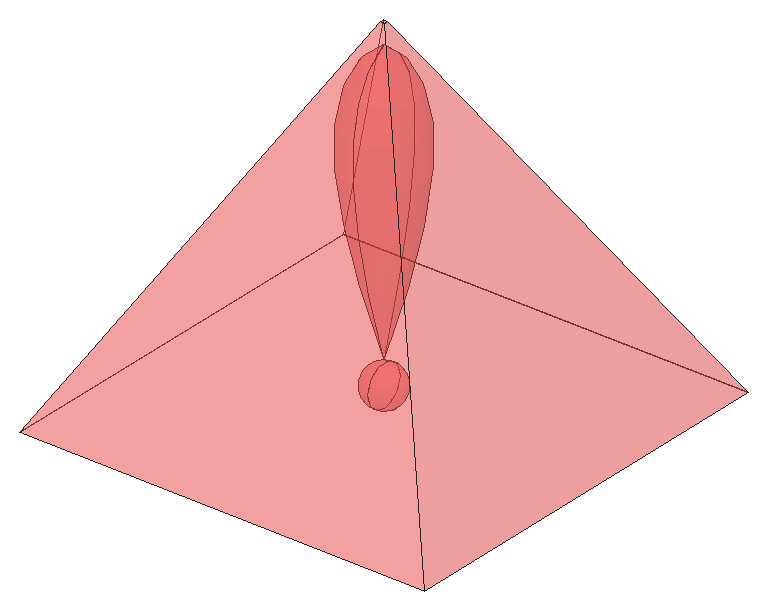
Revit family "risk_point_high", category 一般モデル, Revit 2023
Family settings
  鉄筋をホスト可能 = いいえ
  丸型コネクタ寸法 = 直径を使用
  パーツ タイプ = 標準
  作業面ベース = いいえ
  常に垂直 = はい
  ロード時にボイドで切り取り = いいえ
  注釈の向きを維持 = いいえ
  共有 = いいえ
  部屋計算ポイント = いいえ
Parameters
  高さ [instance] = 1732 mm
  色 [instance] = ペイント
  既定の高さ = 0 mm
  幅2 [instance] = 2000 mm
  幅1 [instance] = 2000 mm
Reference planes
  plane 1 "中心(正面/背面)": y = 0
  plane 2: z = 0
  plane 3 "中心(左/右)": x = 0
  plane 4: x = -1000
  plane 5: x = 1000
  plane 6: y = 1000
  plane 7 "前面": y = -1000
  plane 8 "高さ": z = 1732
  plane 9: x = -10
  plane 10: x = 10
  plane 11: y = 10
  plane 12: y = -10
  plane 13: z = 1632
  plane 14: z = 1432
  plane 15: z = 20
  plane 16: z = 120
  plane 17: z = 220
  plane 18: z = 240
Forms (mm)
  Blend 1, solid, material "ペイント" <- "色"
    base sketch origin (0, 0, 0) x (1, 0, 0) y (0, 1, 0)
      loop
        line (-1000, 1000) -> (-1000, -1000) -> (1000, -1000) -> (1000, 1000) -> (-1000, 1000)
    top sketch origin (0, 0, 0) x (1, 0, 0) y (0, 1, 0)
      loop
        line (-10, 10) -> (-10, -10) -> (10, -10) -> (10, 10) -> (-10, 10)
    from 0 to 1732
  Revolve 2, solid, material "ペイント" <- "色"
    sketch origin (0, 0, 0) x (0, 1, 0) y (0, 0, 1)
      loop
        line (0, 1632) -> (0, 240)
        spline (0, 240) -> (59.171, 431.778) -> (107.585, 609.778) -> (145.239, 774) -> (172.135, 924.444) -> (188.273, 1061.111) -> (193.652, 1184) -> (188.273, 1293.111) -> (172.135, 1388.444) -> (145.239, 1470) -> (107.585, 1537.778) -> (59.171, 1591.778) -> (0, 1632)
      loop
        line (0, 220) -> (0, 20)
        arc (0, 20) -> (100, 120) -> (0, 220) r 100
      axis (0, 20) -> (0, 1632)
    angle from 0 to 360
Dimensions and locks
  equal spacing: plane 4, plane 3 "中心(左/右)", plane 5
  "幅1": plane 4 to plane 5
  equal spacing: plane 6, plane 1 "中心(正面/背面)", plane 7 "前面"
  "幅2": plane 6 to plane 7 "前面"
  "高さ": plane 8 "高さ" to plane 2
  locked: plane 8 "高さ" to plane 13 at 100
  plane 13 to plane 14 = 200 mm
  plane 18 to plane 17 to plane 16 to plane 15 to level = 20 mm, 100 mm, 100 mm, 20 mm
  aligned and locked: level to plane 2
  aligned and locked: Blend 1 sketch curve to plane 6
  aligned and locked: plane 4 to Blend 1 sketch curve
  aligned and locked: plane 7 "前面" to Blend 1 sketch curve
  aligned and locked: Blend 1 sketch curve to plane 5
  aligned and locked: Blend 1 sketch curve to plane 11
  aligned and locked: plane 9 to Blend 1 sketch curve
  aligned and locked: plane 12 to Blend 1 sketch curve
  aligned and locked: Blend 1 sketch curve to plane 10
  aligned and locked: plane 8 "高さ" to Blend 1
Automatic sketch dimensions
  Revolve 2 sketch curve to plane 1 "中心(正面/背面)" = 0 mm  (x3)
  Revolve 2 sketch curve to plane 15 = 0 mm
  Revolve 2 sketch curve to plane 16 = 0 mm
  Revolve 2 sketch curve to plane 18 = 0 mm
  Revolve 2 sketch curve to plane 13 = 0 mm
  Revolve 2 sketch curve to level = 115.333 mm
  plane 8 "高さ" to Revolve 2 sketch curve = 152.667 mm
